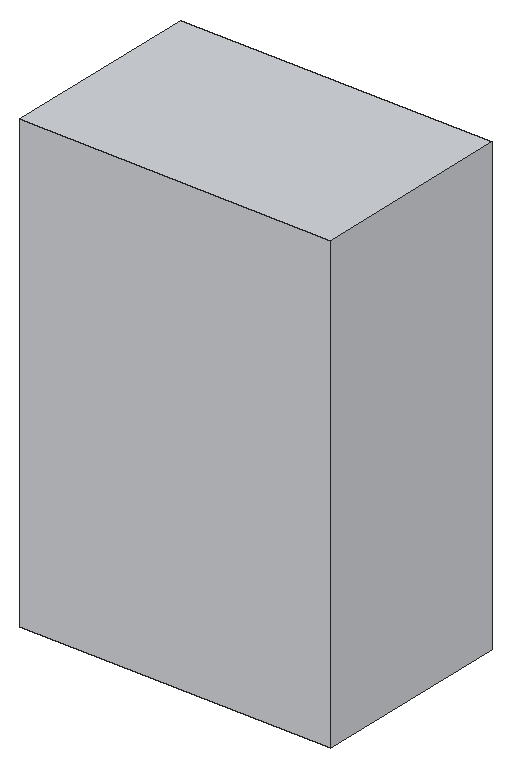
Revit family "Lighting_Fixture-Wall-Astro-Domino", category Lighting Fixtures, host Face, Revit 2014
Parameters (values of type "7392 Domino")
  Width = 40.00 mm
  Weight = "0.65 kg"
  Wattage Comments = "3.6w"
  Wattage = 1.8244 W
  built-in parameter 1150110 = 1 (stored number, unit not read)
  Voltage = 230 V
  URL = "www.astrolighting.co.uk"
  Type Comments = "-Includes integral LED driver"
  built-in parameter 1114217 = 1 (stored number, unit not read)
  Tilt Angle = 0.00°
  built-in parameter 1150109 = 1 (stored number, unit not read)
  built-in parameter 1150134 = (empty or 0)
  built-in parameter 1150113 = 1 (stored number, unit not read)
  Suitable for bathroom zone = "Zone 2, 3"
  Product Documentation = "http://www.astrolighting.co.uk/\r\nproducts/kw/domino/7392_Domino"
  Photometric Web File = "Astro P4558 PV Domino. 251114.IES"
  Number of Poles = 1
  Mountable on normally flammable surfaces = "Yes"
  Model = "7392 Domino"
  Manufacturer = "Astro Lighting Ltd, CM20 2DP"
  Lumens = 271 lm
  Luminaire Lamp Efficiency Rating = "A"
  built-in parameter 1150115 = 1 (stored number, unit not read)
  built-in parameter 1150105 = 21.565 (stored number, unit not read)
  Light Source From Wall = 55.00 mm
  Light Source Elevation = 1680.50 mm
  built-in parameter 1150137 = (empty or 0)
  built-in parameter 1150139 = (empty or 0)
  Length = 75.00 mm
  built-in parameter 1150112 = 1 (stored number, unit not read)
  built-in parameter 1150114 = 1 (stored number, unit not read)
  Lamp included = "Yes"
  Lamp = "LED"
  built-in parameter 1150132 = 2
  built-in parameter 1150102 = (empty or 0)
  built-in parameter 1150138 = (empty or 0)
  built-in parameter 1150107 = 3000 (stored number, unit not read)
  built-in parameter 1150106 = 0.21565 (stored number, unit not read)
  IP Rating = "IP44"
  Height = 206.00 mm
  Energy Efficiency Rating = "A"
  built-in parameter 1150104 = 13.8 (stored number, unit not read)
  Dimming Lamp Color Temperature Shift = <None>
  Dimmable = "No"
  Description = "Mirror light"
  Default Elevation [instance] = 1700.00 mm
  Color Filter = 16777215
  Class = 2
  Casing Material = Astro - Aluminium - Chrome Finish
  built-in parameter 1114218 = 1 (stored number, unit not read)
  built-in parameter 1150133 = 10 (stored number, unit not read)
  Manufacturer Contact = "01279 427001"
  Assembly Code = "D5020200"
  Apparent Load = 4.97 VA
Reference planes
  plane 1: y = -75
  plane 2 "Light Source Axis (L/R)": x = 125
  plane 3 "Light Source Axis (F/R)": y = 55
  plane 4 "Light Source Elevation": z = 1680.5
  plane 5: y = -150
  plane 6 "Center (Elevation)": z = 1600
  plane 7: z = 0
  plane 8 "Top": z = 1761
  plane 9 "Bottom": z = 1555
  plane 10 "Left": x = 145
  plane 11 "Right": x = 105
  plane 12 "Front": y = 75
  plane 13: y = 0
  plane 14: z = 1758
  plane 15: z = 1558
  plane 16: x = 106.5
  plane 17: x = 143.5
  plane 18: z = 1645
  plane 19: y = 47.6
Forms (mm)
  Extrusion 1, solid
    sketch origin (140, -150, 1500) x (0, 0, 1) y (1, 0, 0)
      loop
        line (-25.143, -128.186) -> (316.011, -128.186) -> (316.011, 105) -> (-25.143, 105) -> (-25.143, -128.186)
    from 0 to 150
  Extrusion 2, solid, material "Astro - Aluminium - Chrome Finish" <- "Casing Material"
    sketch origin (1573.638, 225, 1600) x (1, 0, 0) y (0, 1, 0)
      loop
        circle (-1448.638, -170) r 20
    from -45 to 161
  Extrusion 3, solid, material "Astro - Aluminium - Chrome Finish" <- "Casing Material"
    sketch origin (1573.638, 225, 1600) x (1, 0, 0) y (0, 1, 0)
      loop
        line (-1467.138, -225) -> (-1430.138, -225) -> (-1430.138, -170) -> (-1467.138, -170) -> (-1467.138, -225)
    from -45 to 45
  Extrusion 4, void
    sketch origin (1573.638, 225, 1600) x (0, 1, 0) y (1, 0, 0)
      loop
        line (-177.4, -1472.638) -> (-146, -1472.638) -> (-146, -1424.638) -> (-177.4, -1424.638) -> (-177.4, -1431.139)
        arc (-177.4, -1431.139) -> (-189, -1448.638) -> (-177.4, -1466.138) r 19
        line (-177.4, -1466.138) -> (-177.4, -1472.638)
    from -158 to 42
  Extrusion 5, solid, material "Astro - Polycarbonate - White"
    sketch origin (1573.638, 225, 1600) x (1, 0, 0) y (0, 1, 0)
      loop
        line (-1431.139, -177.4) -> (-1430.058, -177.4)
        arc (-1430.058, -177.4) -> (-1448.638, -150) -> (-1467.219, -177.4) r 20
        line (-1467.219, -177.4) -> (-1466.138, -177.4)
        arc (-1466.138, -177.4) -> (-1448.638, -151) -> (-1431.139, -177.4) r 19
    from -42 to 158
Cuts and joins
  Extrusion 4 cuts Extrusion 2
  Extrusion 4 cuts Extrusion 3
  joined: Extrusion 2, Extrusion 3
Text (mm)
  text "Placement side" at (-1787.139, 1116.779, 0), in view "Ref. Level"
  text "Placement side" at (0, 2110.396, 2986.058), in view "Left"
  text "Placement side" at (0, 628.478, 3011.967), in view "Right"
Dimensions and locks
  "Height": plane 9 "Bottom" to plane 8 "Top"
  equal spacing: plane 11 "Right", plane 2 "Light Source Axis (L/R)", plane 10 "Left"
  "Width": plane 11 "Right" to plane 10 "Left"
  locked: plane 1 to plane 13 at 75
  "Length": plane 12 "Front" to plane 13
  "Light Source From Wall": plane 3 "Light Source Axis (F/R)" to plane 13
  "Light Source Elevation": plane 7 to plane 4 "Light Source Elevation"
  "Light Source From Wall": plane 13 to plane 3 "Light Source Axis (F/R)"
  plane 12 "Front" to plane 3 "Light Source Axis (F/R)" = 20.00 mm
  locked: plane 9 "Bottom" to plane 6 "Center (Elevation)" at 45
  locked: plane 14 to plane 8 "Top" at 3
  locked: plane 9 "Bottom" to plane 15 at 3
  equal spacing: plane 16, plane 2 "Light Source Axis (L/R)", plane 17
  locked: plane 16 to plane 17 at 37
  locked: plane 9 "Bottom" to plane 18 at 90
  locked: plane 19 to plane 3 "Light Source Axis (F/R)" at 7.4
  locked: Extrusion 4 sketch curve to plane 12 "Front" at 4
  locked: Extrusion 4 sketch curve to plane 11 "Right" at 4
  locked: plane 10 "Left" to Extrusion 4 sketch curve at 4
  aligned and locked: plane 2 "Light Source Axis (L/R)" to Extrusion 2 sketch curve
  aligned and locked: plane 3 "Light Source Axis (F/R)" to Extrusion 2 sketch curve
  aligned and locked: Extrusion 3 sketch curve to plane 13
  aligned and locked: Extrusion 3 sketch curve to plane 16
  aligned and locked: Extrusion 3 sketch curve to plane 3 "Light Source Axis (F/R)"
  aligned and locked: plane 17 to Extrusion 3 sketch curve
  aligned and locked: Extrusion 2 to plane 9 "Bottom"
  aligned and locked: plane 8 "Top" to Extrusion 2
  aligned and locked: Extrusion 3 to plane 9 "Bottom"
  aligned and locked: plane 18 to Extrusion 3
  aligned and locked: Extrusion 4 sketch curve to plane 19
  aligned and locked: plane 14 to Extrusion 4
  aligned and locked: plane 15 to Extrusion 4
  aligned and locked: plane 2 "Light Source Axis (L/R)" to Extrusion 5 sketch curve
  aligned and locked: plane 3 "Light Source Axis (F/R)" to Extrusion 5 sketch curve
  aligned and locked: plane 19 to Extrusion 5 sketch curve
  aligned and locked: plane 15 to Extrusion 5
  aligned and locked: plane 14 to Extrusion 5
  aligned and locked: plane 3 "Light Source Axis (F/R)" to imposter light
  aligned and locked: imposter light to plane 2 "Light Source Axis (L/R)"
  aligned and locked: plane 4 "Light Source Elevation" to imposter light
Automatic sketch dimensions
  Extrusion 1 sketch curve to Extrusion 1 sketch curve = 341.155 mm
  Extrusion 1 sketch curve to Extrusion 1 sketch curve = 233.186 mm
  plane 19 to Extrusion 4 sketch curve = 0.00 mm
  Extrusion 4 sketch curve to plane 2 "Light Source Axis (L/R)" = 0.00 mm
  plane 3 "Light Source Axis (F/R)" to Extrusion 4 sketch curve = 0.00 mm
  Extrusion 4 sketch curve to plane 17 = 1.00 mm
  Extrusion 5 sketch curve to Extrusion 5 sketch curve = 0.00 mm  (x2)
  plane 19 to Extrusion 5 sketch curve = 0.00 mm
  plane 16 to Extrusion 5 sketch curve = 1.00 mm
  Extrusion 5 sketch curve to plane 16 = 0.081 mm
  radius of Extrusion 2 sketch curve = 20.00 mm
Connectors
  electrical at (125, 0, 1600), driven by "Number of Poles", driven by "Voltage", driven by "Apparent Load"
    settings: on cut or joined group of Extrusion 2, Extrusion 3, Extrusion 4, index 1, voltage 230 V, apparent load 0 VA, apparent load phase1 4.97 VA, apparent load phase2 0 VA, apparent load phase3 0 VA, power factor 1, load classification "Other", number of poles 1, system type 31, power factor state 1, is connector primary yes, connector utility no, sub classification motor no, connector description ""
